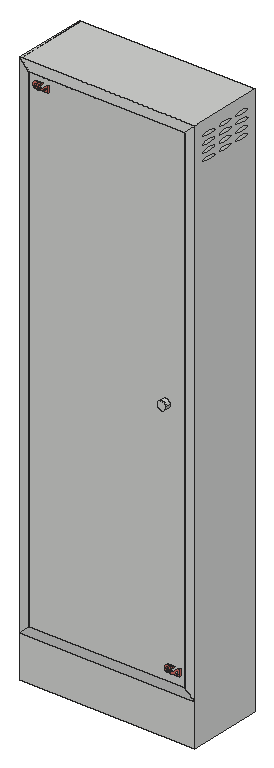
Revit family "120909-00124 Шкаф ШРП-В1800-Р-ПВТ-10 ССД", category Обобщенные модели, Revit 2019
Family settings
  Может служить основой для арматурных стержней = Нет
  Размер круглого соединителя = Использовать диаметр
  Тип детали = Нормальный
  На основе рабочей плоскости = Нет
  Всегда вертикально = Да
  При загрузке вырезать с полостями = Нет
  Общий = Нет
  Точка расчета площади = Нет
Parameters (values of type "ШРП-В/1800-Р-ПВТ-10 (180 плинтов ПВТ)")
  Толщина 5 = 5 mm  # constant formula
  Толщина 4 = 4 mm  # constant formula
  Толщина 25 = 25 mm  # constant formula
  Толщина -4 = -4 mm  # constant formula
  Смещение от уровня [instance] = 300 mm
  Описание = "Шкаф ШРП-В/2400-Р-ПВТ-10 ССД"
  Ноль = 0 mm  # constant formula
  Материал букв = Металл красный
  Материал Каркаса = RAL 7035
  ADSK_Этаж [instance] = ""
  ADSK_Размер_Ширина = 700 mm
  ADSK_Размер_Глубина = 300 mm
  ADSK_Размер_Высота = 2240 mm
  ADSK_Примечание [instance] = ""
  ADSK_Предел огнестойкости = ""
  ADSK_Позиция [instance] = ""
  ADSK_Обозначение = ""
  ADSK_Наименование краткое = "ШРП-В/1800-Р-ПВТ-10 (180 плинтов ПВТ)"
  ADSK_Наименование = "Шкаф ШРП-В/1800-Р-ПВТ-10 ССД"
  ADSK_Масса_Текст = "98"
  ADSK_Марка [instance] = ""
  ADSK_Количество [instance] = 1  # constant formula
  ADSK_Код изделия = "120909-00124"
  ADSK_Зона = ""
  ADSK_Завод-изготовитель = "АО СВЯЗЬСТРОЙДЕТАЛЬ"  # constant formula
  ADSK_Единица измерения = "шт"  # constant formula
  ADSK_URL страницы изделия = "Шкаф ШРП-В/1800-Р-ПВТ-10 ССД ( 120909-00124 ) (ssd.ru)"
  ADSK_URL документации изделия = "shr_decl_2017.pdf (ssd.ru)"
Reference planes
  plane 1 "тттт": y = 0
  plane 2: z = 0
  plane 3 "УУУУ": x = 0
  plane 4 "Т1": y = 150
  plane 5 "Т2": y = -150
  plane 6 "П2": x = -350
  plane 7 "П1": x = 350
  plane 8 "Е1": z = 300
  plane 9 "Е2": z = 2540
  plane 10: z = 468
  plane 11: z = 505
  plane 12: z = 2503
  plane 13: x = -313
  plane 14: x = 313
  plane 15: x = 238
  plane 16: z = 1504
  plane 17: z = 2482
  plane 18: z = 2452
  plane 19: z = 2422
  plane 20: z = 2392
  plane 21: y = -83
  plane 22: y = 83
  plane 23: x = -290
  plane 24: x = 298
  plane 25: z = 543
Forms (mm)
  Extrusion 1, void, not visible, detail levels fine
    sketch origin (-20, 0, 0) x (1, 0, 0) y (0, 0, 1)
      loop
        arc (-281.999, 290) -> (-261.999, 270) -> (-241.999, 290) r 20
        line (-241.999, 290) -> (-241.999, 370)
        arc (-241.999, 370) -> (-261.999, 390) -> (-281.999, 370) r 20
        line (-281.999, 370) -> (-281.999, 290)
    from 90 to 190
  Extrusion 2, void, not visible
    sketch origin (-20, 0, 225) x (1, 0, 0) y (0, 0, 1)
      loop
        circle (-261.999, 215) r 6.5
    from 90 to 190
  Extrusion 3, void, not visible, detail levels fine
    sketch origin (20, 0, 0) x (-1, 0, 0) y (0, 0, -1)
      loop
        line (-281.999, -290) -> (-281.999, -370)
        arc (-281.999, -370) -> (-261.999, -390) -> (-241.999, -370) r 20
        line (-241.999, -370) -> (-241.999, -290)
        arc (-241.999, -290) -> (-261.999, -270) -> (-281.999, -290) r 20
    from 90 to 190
  Extrusion 4, void, not visible
    sketch origin (20, 0, 225) x (-1, 0, 0) y (0, 0, -1)
      loop
        circle (-261.999, -215) r 6.5
    from 90 to 190
  Extrusion 5, void, not visible
    sketch origin (0, 0, 220) x (0, 1, 0) y (0, 0, 1)
      loop
        circle (-102, 220) r 3.036
      loop
        circle (-172.959, 220) r 3.036
      loop
        circle (-122, 237) r 3.036
      loop
        circle (-157.959, 237) r 3.036
      loop
        circle (-121.964, 203) r 3.036
      loop
        circle (-158.036, 203) r 3.036
      loop
        arc (-162.48, 75) -> (-137.48, 50) -> (-112.48, 75) r 25
        line (-112.48, 75) -> (-112.48, 145)
        arc (-112.48, 145) -> (-137.48, 170) -> (-162.48, 145) r 25
        line (-162.48, 145) -> (-162.48, 75)
    from -312 to 312
  Extrusion 6, solid, material "RAL 7035" <- "Материал Каркаса", detail levels medium+fine
    sketch origin (0, 150, 0) x (1, 0, 0) y (0, 0, 1)
      loop
        line (-350, 2540) -> (-350, 300) -> (350, 300) -> (350, 2540) -> (-350, 2540)
    from 0 to 4 <- "Толщина 4"
  Extrusion 7, solid, material "RAL 7035" <- "Материал Каркаса", detail levels medium+fine
    sketch origin (0, -150, 0) x (1, 0, 0) y (0, 0, 1)
      loop
        line (-350, 2540) -> (-350, 300) -> (350, 300) -> (350, 2540) -> (-350, 2540)
      loop
        line (-313, 2503) -> (-313, 505) -> (313, 505) -> (313, 2503) -> (-313, 2503)
    from -4 <- "Толщина -4" to 0
  Extrusion 8, solid, material "RAL 7035" <- "Материал Каркаса", detail levels medium+fine
    sketch origin (-350, 0, 0) x (0, 1, 0) y (0, 0, 1)
      loop
        line (-150, 2540) -> (-150, 300) -> (150, 300) -> (150, 2540) -> (-150, 2540)
    from 0 to 4 <- "Толщина 4"
  Extrusion 9, solid, material "RAL 7035" <- "Материал Каркаса", detail levels medium+fine
    sketch origin (350, 0, 0) x (0, 1, 0) y (0, 0, 1)
      loop
        line (-150, 2540) -> (-150, 300) -> (150, 300) -> (150, 2540) -> (-150, 2540)
    from -4 <- "Толщина -4" to 0
  Extrusion 10, solid, material "RAL 7035" <- "Материал Каркаса", detail levels medium+fine
    sketch origin (0, 0, 300) x (0, -1, 0) y (1, 0, 0)
      loop
        line (-150, -350) -> (150, -350) -> (150, 350) -> (-150, 350) -> (-150, -350)
    from 0 to 4 <- "Толщина 4"
  Extrusion 11, solid, material "RAL 7035" <- "Материал Каркаса", detail levels medium+fine
    sketch origin (0, 0, 2540) x (0, -1, 0) y (1, 0, 0)
      loop
        line (-150, -350) -> (150, -350) -> (150, 350) -> (-150, 350) -> (-150, -350)
    from 0 to -4 <- "Толщина -4"
  Extrusion 12, solid, material "RAL 7035" <- "Материал Каркаса", detail levels medium+fine
    sketch origin (0, -150, 0) x (1, 0, 0) y (0, 0, 1)
      loop
        line (-313, 2503) -> (-313, 505) -> (313, 505) -> (313, 2503) -> (-313, 2503)
    from 0 to 5 <- "Толщина 5"
  Extrusion 13, solid, material "RAL 7035" <- "Материал Каркаса", detail levels medium+fine
    sketch origin (0, -150, 0) x (1, 0, 0) y (0, 0, 1)
      loop
        circle (238, 1504) r 17
    from 0 to 25 <- "Толщина 25"
  Sweep 14, solid, material "RAL 7035" <- "Материал Каркаса", detail levels medium+fine
    path origin (0, -150, 0) x (1, 0, 0) y (0, 0, 1)
      loop
        line (313, 2503) -> (-313, 2503) -> (-313, 505) -> (313, 505) -> (313, 2503)
    profile origin (0, -150, 2503) x (0, 0, -1) y (0, -1, 0)
      loop
        line (-37, 0) -> (0, 0) -> (0, 5) -> (-37, 0)
  Extrusion 15, solid, material "RAL 7035" <- "Материал Каркаса", detail levels coarse
    sketch origin (0, 0, 0) x (1, 0, 0) y (0, 1, 0)
      loop
        line (-350, 150) -> (-350, -150) -> (350, -150) -> (350, 150) -> (-350, 150)
    from 300 to 2540
Cuts and joins
  joined: Extrusion 6, Extrusion 7, Extrusion 8, Extrusion 9, Extrusion 10, Extrusion 11, Sweep 14
  joined: Extrusion 12, Extrusion 13
Dimensions and locks
  equal spacing: plane 5 "Т2", plane 1 "тттт", plane 4 "Т1"
  equal spacing: plane 6 "П2", plane 3 "УУУУ", plane 7 "П1"
  "ADSK_Размер_Ширина": plane 6 "П2" to plane 7 "П1"
  "ADSK_Размер_Глубина": plane 5 "Т2" to plane 4 "Т1"
  "Смещение от уровня": plane 8 "Е1" to plane 2
  "ADSK_Размер_Высота": plane 9 "Е2" to plane 8 "Е1"
  locked: plane 10 to plane 8 "Е1" at 168
  locked: plane 9 "Е2" to plane 12 at 37
  locked: plane 11 to plane 10 at 37
  locked: plane 13 to plane 6 "П2" at 37
  locked: plane 7 "П1" to plane 14 at 37
  locked: plane 14 to plane 15 at 75
  equal spacing: plane 12, plane 16, plane 11
  locked: plane 9 "Е2" to plane 17 at 58
  locked: plane 17 to plane 18 at 30
  locked: plane 18 to plane 19 at 30
  locked: plane 19 to plane 20 at 30
  locked: plane 5 "Т2" to plane 21 at 67
  locked: plane 22 to plane 4 "Т1" at 67
  locked: plane 25 to plane 10 at 75
  locked: plane 24 to plane 14 at 15
  locked: plane 23 to plane 6 "П2" at 60
  aligned and locked: level to plane 2
  aligned and locked: plane 9 "Е2" to Extrusion 6 sketch curve
  aligned and locked: plane 6 "П2" to Extrusion 6 sketch curve
  aligned and locked: Extrusion 6 sketch curve to plane 8 "Е1"
  aligned and locked: Extrusion 6 sketch curve to plane 7 "П1"
  aligned and locked: Extrusion 6 to plane 4 "Т1"
  aligned and locked: plane 6 "П2" to Extrusion 7 sketch curve
  aligned and locked: Extrusion 7 sketch curve to plane 8 "Е1"
  aligned and locked: Extrusion 7 sketch curve to plane 7 "П1"
  aligned and locked: plane 9 "Е2" to Extrusion 7 sketch curve
  aligned and locked: plane 13 to Extrusion 7 sketch curve
  aligned and locked: Extrusion 7 sketch curve to plane 14
  aligned and locked: plane 12 to Extrusion 7 sketch curve
  aligned and locked: Extrusion 7 sketch curve to plane 11
  aligned and locked: plane 5 "Т2" to Extrusion 7
  aligned and locked: Extrusion 8 sketch curve to Extrusion 7  (x2)
  aligned and locked: Extrusion 8 sketch curve to Extrusion 6  (x2)
  aligned and locked: Extrusion 8 to plane 6 "П2"
  aligned and locked: Extrusion 9 sketch curve to Extrusion 7  (x2)
  aligned and locked: Extrusion 9 sketch curve to Extrusion 6  (x2)
  aligned and locked: plane 7 "П1" to Extrusion 9
  aligned and locked: Extrusion 10 sketch curve to cut or joined group of Extrusion 6, Extrusion 7, Extrusion 8, Extrusion 9, Extrusion 10, Extrusion 11, Sweep 14  (x4)
  aligned and locked: plane 8 "Е1" to Extrusion 10
  aligned and locked: Extrusion 11 sketch curve to cut or joined group of Extrusion 6, Extrusion 7, Extrusion 8, Extrusion 9, Extrusion 10, Extrusion 11, Sweep 14  (x4)
  aligned and locked: plane 9 "Е2" to Extrusion 11
  aligned and locked: Extrusion 12 sketch curve to cut or joined group of Extrusion 6, Extrusion 7, Extrusion 8, Extrusion 9, Extrusion 10, Extrusion 11, Sweep 14  (x4)
  aligned and locked: plane 16 to Extrusion 13 sketch curve
  aligned and locked: plane 15 to Extrusion 13 sketch curve
  aligned and locked: plane 5 "Т2" to Extrusion 12
  aligned and locked: Extrusion 13 to plane 5 "Т2"
  aligned and locked: Sweep 14 sketch curve to Extrusion 12  (x4)
  aligned and locked: profile plane to Sweep 14 sketch curve  (x2)
  aligned and locked: plane 21 to nested 1
  aligned and locked: nested 2 to plane 1 "тттт"
  aligned and locked: plane 22 to nested 3
  aligned and locked: plane 7 "П1" to nested 3
  aligned and locked: plane 7 "П1" to nested 2
  aligned and locked: plane 7 "П1" to nested 1
  aligned and locked: nested 1 to plane 17
  aligned and locked: nested 2 to plane 17
  aligned and locked: nested 3 to plane 17
  aligned and locked: nested 4 to plane 18
  aligned and locked: nested 5 to plane 18
  aligned and locked: nested 6 to plane 18
  aligned and locked: nested 7 to plane 19
  aligned and locked: nested 8 to plane 19
  aligned and locked: nested 9 to plane 19
  aligned and locked: nested 10 to plane 20
  aligned and locked: nested 11 to plane 20
  aligned and locked: nested 12 to plane 20
  aligned and locked: plane 22 to nested 6
  aligned and locked: cut or joined group of Extrusion 6, Extrusion 7, Extrusion 8, Extrusion 9, Extrusion 10, Extrusion 11, Sweep 14 to nested 6
  aligned and locked: nested 5 to plane 1 "тттт"
  aligned and locked: cut or joined group of Extrusion 6, Extrusion 7, Extrusion 8, Extrusion 9, Extrusion 10, Extrusion 11, Sweep 14 to nested 5
  aligned and locked: plane 21 to nested 4
  aligned and locked: cut or joined group of Extrusion 6, Extrusion 7, Extrusion 8, Extrusion 9, Extrusion 10, Extrusion 11, Sweep 14 to nested 4
  aligned and locked: plane 7 "П1" to nested 9
  aligned and locked: plane 22 to nested 9
  aligned and locked: nested 8 to plane 1 "тттт"
  aligned and locked: plane 7 "П1" to nested 8
  aligned and locked: plane 21 to nested 7
  aligned and locked: plane 7 "П1" to nested 7
  aligned and locked: plane 7 "П1" to nested 12  (x2)
  aligned and locked: plane 22 to nested 12
  aligned and locked: plane 7 "П1" to nested 11  (x2)
  aligned and locked: nested 11 to plane 1 "тттт"
  aligned and locked: plane 7 "П1" to nested 10
  aligned and locked: plane 21 to nested 10
  aligned and locked: plane 20 to nested 24
  aligned and locked: plane 20 to nested 19
  aligned and locked: plane 20 to nested 18
  aligned and locked: plane 19 to nested 23
  aligned and locked: nested 23 to plane 19
  aligned and locked: plane 19 to nested 20
  aligned and locked: plane 19 to nested 17
  aligned and locked: plane 18 to nested 22
  aligned and locked: plane 18 to nested 21
  aligned and locked: plane 18 to nested 16
  aligned and locked: plane 17 to nested 14
  aligned and locked: plane 17 to nested 13
  aligned and locked: plane 17 to nested 15
  aligned and locked: plane 7 "П1" to cut or joined group of Extrusion 6, Extrusion 7, Extrusion 8, Extrusion 9, Extrusion 10, Extrusion 11, Sweep 14
  aligned and locked: nested 10 to plane 21
  aligned and locked: plane 1 "тттт" to nested 11
  aligned and locked: nested 12 to plane 22
  aligned and locked: nested 23 to plane 21
  aligned and locked: plane 21 to nested 23
  aligned and locked: plane 1 "тттт" to nested 20
  aligned and locked: nested 17 to plane 22
  aligned and locked: plane 6 "П2" to nested 23
  aligned and locked: plane 6 "П2" to nested 20
  aligned and locked: plane 6 "П2" to nested 17
  aligned and locked: nested 22 to cut or joined group of Extrusion 6, Extrusion 7, Extrusion 8, Extrusion 9, Extrusion 10, Extrusion 11, Sweep 14
  aligned and locked: nested 22 to plane 21
  aligned and locked: nested 21 to cut or joined group of Extrusion 6, Extrusion 7, Extrusion 8, Extrusion 9, Extrusion 10, Extrusion 11, Sweep 14
  aligned and locked: plane 1 "тттт" to nested 21
  aligned and locked: nested 16 to cut or joined group of Extrusion 6, Extrusion 7, Extrusion 8, Extrusion 9, Extrusion 10, Extrusion 11, Sweep 14
  aligned and locked: nested 16 to plane 22
  aligned and locked: nested 15 to plane 22
  aligned and locked: plane 1 "тттт" to nested 13
  aligned and locked: nested 14 to plane 21
  aligned and locked: nested 14 to cut or joined group of Extrusion 6, Extrusion 7, Extrusion 8, Extrusion 9, Extrusion 10, Extrusion 11, Sweep 14
  aligned and locked: nested 13 to cut or joined group of Extrusion 6, Extrusion 7, Extrusion 8, Extrusion 9, Extrusion 10, Extrusion 11, Sweep 14
  aligned and locked: nested 15 to cut or joined group of Extrusion 6, Extrusion 7, Extrusion 8, Extrusion 9, Extrusion 10, Extrusion 11, Sweep 14
  aligned and locked: cut or joined group of Extrusion 12, Extrusion 13 to nested 25
  aligned and locked: cut or joined group of Extrusion 12, Extrusion 13 to nested 26
  aligned and locked: plane 25 to nested 25
  aligned and locked: plane 24 to nested 25
  aligned and locked: nested 26 to plane 17
  aligned and locked: plane 23 to nested 26
  aligned and locked: plane 6 "П2" to nested 24
  aligned and locked: plane 6 "П2" to nested 19
  aligned and locked: plane 6 "П2" to nested 18
  aligned and locked: plane 1 "тттт" to nested 19
  aligned and locked: nested 18 to plane 22
  aligned and locked: nested 24 to plane 21
  aligned and locked: Extrusion 15 sketch curve to cut or joined group of Extrusion 6, Extrusion 7, Extrusion 8, Extrusion 9, Extrusion 10, Extrusion 11, Sweep 14  (x4)
  aligned and locked: Extrusion 15 to plane 9 "Е2"
  aligned and locked: plane 8 "Е1" to Extrusion 15
  aligned and locked: nested 27 to plane 9 "Е2"
  aligned and locked: plane 8 "Е1" to nested 27
  aligned and locked: plane 6 "П2" to nested 27
  aligned and locked: plane 7 "П1" to nested 27
Automatic sketch dimensions
  profile plane to Sweep 14 sketch curve = 37 mm
  plane 5 "Т2" to Sweep 14 sketch curve = 5 mm
  radius of Extrusion 13 sketch curve = 17 mm
Nested families
  nested 1: "Впадина" at (350, -83, 2482) x (0, 1, 0) z (0, 0, 1), Материал <- "Материал Каркаса", type "Впадина", detail levels fine
    with Материал RAL 7035
  nested 2: "Впадина" at (350, 0, 2482) x (0, 1, 0) z (0, 0, 1), Материал <- "Материал Каркаса", type "Впадина", detail levels fine
    with Материал RAL 7035
  nested 3: "Впадина" at (350, 83, 2482) x (0, 1, 0) z (0, 0, 1), Материал <- "Материал Каркаса", type "Впадина", detail levels fine
    with Материал RAL 7035
  nested 4: "Впадина" at (350, -83, 2452) x (0, 1, 0) z (0, 0, 1), Материал <- "Материал Каркаса", type "Впадина", detail levels fine
    with Материал RAL 7035
  nested 5: "Впадина" at (350, 0, 2452) x (0, 1, 0) z (0, 0, 1), Материал <- "Материал Каркаса", type "Впадина", detail levels fine
    with Материал RAL 7035
  nested 6: "Впадина" at (350, 83, 2452) x (0, 1, 0) z (0, 0, 1), Материал <- "Материал Каркаса", type "Впадина", detail levels fine
    with Материал RAL 7035
  nested 7: "Впадина" at (350, -83, 2422) x (0, 1, 0) z (0, 0, 1), Материал <- "Материал Каркаса", type "Впадина", detail levels fine
    with Материал RAL 7035
  nested 8: "Впадина" at (350, 0, 2422) x (0, 1, 0) z (0, 0, 1), Материал <- "Материал Каркаса", type "Впадина", detail levels fine
    with Материал RAL 7035
  nested 9: "Впадина" at (350, 83, 2422) x (0, 1, 0) z (0, 0, 1), Материал <- "Материал Каркаса", type "Впадина", detail levels fine
    with Материал RAL 7035
  nested 10: "Впадина" at (350, -83, 2392) x (0, 1, 0) z (0, 0, 1), Материал <- "Материал Каркаса", type "Впадина", detail levels fine
    with Материал RAL 7035
  nested 11: "Впадина" at (350, 0, 2392) x (0, 1, 0) z (0, 0, 1), Материал <- "Материал Каркаса", type "Впадина", detail levels fine
    with Материал RAL 7035
  nested 12: "Впадина" at (350, 83, 2392) x (0, 1, 0) z (0, 0, 1), Материал <- "Материал Каркаса", type "Впадина", detail levels fine
    with Материал RAL 7035
  nested 13: "Впадина" at (-350, 0, 2482) x (0, 1, 0) z (0, 0, 1), Материал <- "Материал Каркаса", type "Впадина", detail levels fine
    with Материал RAL 7035
  nested 14: "Впадина" at (-350, -83, 2482) x (0, 1, 0) z (0, 0, 1), Материал <- "Материал Каркаса", type "Впадина", detail levels fine
    with Материал RAL 7035
  nested 15: "Впадина" at (-350, 83, 2482) x (0, 1, 0) z (0, 0, 1), Материал <- "Материал Каркаса", type "Впадина", detail levels fine
    with Материал RAL 7035
  nested 16: "Впадина" at (-350, 83, 2452) x (0, 1, 0) z (0, 0, 1), Материал <- "Материал Каркаса", type "Впадина", detail levels fine
    with Материал RAL 7035
  nested 17: "Впадина" at (-350, 83, 2422) x (0, 1, 0) z (0, 0, 1), Материал <- "Материал Каркаса", type "Впадина", detail levels fine
    with Материал RAL 7035
  nested 18: "Впадина" at (-350, 83, 2392) x (0, 1, 0) z (0, 0, 1), Материал <- "Материал Каркаса", type "Впадина", detail levels fine
    with Материал RAL 7035
  nested 19: "Впадина" at (-350, 0, 2392) x (0, 1, 0) z (0, 0, 1), Материал <- "Материал Каркаса", type "Впадина", detail levels fine
    with Материал RAL 7035
  nested 20: "Впадина" at (-350, 0, 2422) x (0, 1, 0) z (0, 0, 1), Материал <- "Материал Каркаса", type "Впадина", detail levels fine
    with Материал RAL 7035
  nested 21: "Впадина" at (-350, 0, 2452) x (0, 1, 0) z (0, 0, 1), Материал <- "Материал Каркаса", type "Впадина", detail levels fine
    with Материал RAL 7035
  nested 22: "Впадина" at (-350, -83, 2452) x (0, 1, 0) z (0, 0, 1), Материал <- "Материал Каркаса", type "Впадина", detail levels fine
    with Материал RAL 7035
  nested 23: "Впадина" at (-350, -83, 2422) x (0, 1, 0) z (0, 0, 1), Материал <- "Материал Каркаса", type "Впадина", detail levels fine
    with Материал RAL 7035
  nested 24: "Впадина" at (-350, -83, 2392) x (0, 1, 0) z (0, 0, 1), Материал <- "Материал Каркаса", type "Впадина", detail levels fine
    with Материал RAL 7035
  nested 25: "ССД" at (268.016, -155, 543), Материал <- "Материал букв", type "ССД", detail levels fine
    with Материал Металл красный
  nested 26: "ССД" at (-260.016, -155, 2456), Материал <- "Материал букв", type "ССД", detail levels fine
    with Материал Металл красный
  nested 27: "ЭУ_Шкаф ст фасад" at (0, 0, 300) x (1, 0, 0) z (0, -1, 0), ADSK_Размер_Высота <- "ADSK_Размер_Высота", ADSK_Размер_Ширина <- "ADSK_Размер_Ширина", type "ЭУ_Шкаф ст фасад", detail levels coarse
    with ADSK_Размер_Ширина 700 mm, ADSK_Размер_Высота 2240 mm
Definition of nested family "Впадина"
  Parameters (values of type "Впадина")
    Материал [instance] = none
    ADSK_Размер_Ширина = 64 mm
  Reference planes
    plane 1 "По центру (Вперед/Назад)": y = 0
    plane 2: z = 0
    plane 3 "По центру (Влево/Вправо)": x = 0
    plane 4: y = -5
    plane 5: x = -32
    plane 6: x = 32
  Forms (mm)
    Sweep 1, solid, material <- "Материал"
      path origin (0, 0, 0) x (1, 0, 0) y (0, 1, 0)
        loop
          arc (-32, 0) -> (0, -5) -> (32, 0) r 104.9
      profile origin (0, -5, 0) x (0, 1, 0) y (0, 0, 1)
        loop
          line (0, 0) -> (1.008, 0)
          arc (1.008, 0) -> (2.037, 5.808) -> (5, 10.909) r 16.9
          line (5, 10.909) -> (5, 12)
          arc (5, 12) -> (1.3, 6.5) -> (0, 0) r 16.9
  Lines and regions (mm)
    symbolic lines
      curve 1: line (-32, 0, 0) -> (32, 0, 0)
      curve 2: line (0, 0, 0) -> (0, -5, 0)
      curve 3: line (-32, 0, 0) -> (32, 0, 0)
  Dimensions and locks
    equal spacing: plane 5, plane 3 "По центру (Влево/Вправо)", plane 6
    "ADSK_Размер_Ширина": plane 5 to plane 6
    plane 4 to plane 1 "По центру (Вперед/Назад)" = 5 mm
    aligned and locked: level to plane 2
    aligned and locked: plane 5 to Sweep 1 sketch curve
    aligned and locked: plane 1 "По центру (Вперед/Назад)" to Sweep 1 sketch curve  (x3)
    aligned and locked: plane 6 to Sweep 1 sketch curve
    aligned and locked: plane 1 "По центру (Вперед/Назад)" to curve 1
    aligned and locked: curve 2 to plane 3 "По центру (Влево/Вправо)"
    aligned and locked: curve 3 to plane 2
  Automatic sketch dimensions
    Sweep 1 sketch curve to plane 1 "По центру (Вперед/Назад)" = 99.9 mm
    Sweep 1 sketch curve to profile plane = 0 mm
    Sweep 1 sketch curve to level = 0 mm
    Sweep 1 sketch curve to Sweep 1 sketch curve = 11.9 mm
    Sweep 1 sketch curve to Sweep 1 sketch curve = 1.008 mm
    Sweep 1 sketch curve to Sweep 1 sketch curve = 1.091 mm
    curve 1 to plane 5 = 0 mm
    curve 1 to plane 6 = 0 mm
    curve 2 to plane 4 = 0 mm
    curve 3 to plane 5 = 0 mm
    curve 3 to plane 6 = 0 mm
Definition of nested family "ССД"
  Parameters (values of type "ССД")
    Материал [instance] = none
  Reference planes
    plane 1 "По центру (Вперед/Назад)": y = 0
    plane 2: z = 0
    plane 3 "По центру (Влево/Вправо)": x = 0
    plane 4: y = -5
    plane 5: z = 26
    plane 6: x = -29.984
    plane 7: x = 29.984
  Forms (mm)
    Extrusion 1, solid, material <- "Материал"
      sketch origin (-4.748, 0, -135.953) x (1, 0, 0) y (0, 0, 1)
        loop
          arc (-12.562, 161.735) -> (-25.455, 148.886) -> (-12.605, 135.993) r 12.871
          line (-12.605, 135.993) -> (-5.127, 135.993)
          arc (-5.127, 135.993) -> (-8.341, 138.928) -> (-10.997, 142.376) r 24.946
          line (-10.997, 142.376) -> (-12.584, 142.376)
          arc (-12.584, 142.376) -> (-19.072, 148.864) -> (-12.584, 155.352) r 6.488
          line (-12.584, 155.352) -> (-10.972, 155.352)
          arc (-10.972, 155.352) -> (-8.292, 158.804) -> (-5.051, 161.735) r 24.946
          line (-5.051, 161.735) -> (-12.562, 161.735)
        loop
          arc (3.387, 161.709) -> (-9.505, 148.859) -> (3.344, 135.967) r 12.871
          line (3.344, 135.967) -> (34.291, 135.915) -> (34.334, 161.666) -> (28.9, 161.666) -> (8.095, 144.25) -> (16.764, 144.25) -> (28.888, 154.399) -> (28.868, 142.307) -> (3.34, 142.35)
          arc (3.34, 142.35) -> (-3.122, 148.856) -> (3.377, 155.326) r 6.488
          line (3.377, 155.326) -> (4.978, 155.326)
          arc (4.978, 155.326) -> (7.657, 158.777) -> (10.898, 161.709) r 24.946
          line (10.898, 161.709) -> (3.387, 161.709)
      from 0 to 5
  Lines and regions (mm)
    symbolic lines
      curve 1: line (-29.984, 0, 0) -> (29.984, 0, 0)
      curve 2: line (-29.984, 0, 26) -> (29.984, 0, 26)
      curve 3: line (-29.984, 0, 0) -> (-29.984, 0, 26)
      curve 4: line (29.984, 0, 0) -> (-29.984, 0, 0)
      curve 5: line (29.984, 0, 26) -> (29.984, 0, 0)
  Dimensions and locks
    locked: plane 1 "По центру (Вперед/Назад)" to plane 4 at 5
    locked: plane 5 to plane 2 at 26
    equal spacing: plane 7, plane 3 "По центру (Влево/Вправо)", plane 6
    locked: plane 7 to plane 6 at 59.968
    aligned and locked: level to plane 2
    aligned and locked: plane 1 "По центру (Вперед/Назад)" to curve 1
    aligned and locked: Extrusion 1 to plane 4
    aligned and locked: Extrusion 1 to plane 1 "По центру (Вперед/Назад)"
    aligned and locked: curve 2 to plane 5
    aligned and locked: plane 6 to curve 3
    aligned and locked: plane 2 to curve 4
    aligned and locked: curve 5 to plane 7
  Automatic sketch dimensions
    curve 1 to plane 6 = 0 mm
    curve 1 to plane 7 = 0 mm
    Extrusion 1 sketch curve to Extrusion 1 sketch curve = 0 mm  (x6)
    Extrusion 1 sketch curve to plane 3 "По центру (Влево/Вправо)" = 17.331 mm
    Extrusion 1 sketch curve to Extrusion 1 sketch curve = 0.022 mm
    Extrusion 1 sketch curve to Extrusion 1 sketch curve = 1.587 mm
    Extrusion 1 sketch curve to Extrusion 1 sketch curve = 1.612 mm
    Extrusion 1 sketch curve to plane 3 "По центру (Влево/Вправо)" = 9.875 mm
    Extrusion 1 sketch curve to plane 3 "По центру (Влево/Вправо)" = 1.407 mm
    Extrusion 1 sketch curve to plane 3 "По центру (Влево/Вправо)" = 1.382 mm
    Extrusion 1 sketch curve to plane 3 "По центру (Влево/Вправо)" = 1.371 mm
    Extrusion 1 sketch curve to plane 3 "По центру (Влево/Вправо)" = 1.36 mm
    Extrusion 1 sketch curve to Extrusion 1 sketch curve = 1.601 mm
    Extrusion 1 sketch curve to Extrusion 1 sketch curve = 4.755 mm
    Extrusion 1 sketch curve to Extrusion 1 sketch curve = 1.902 mm
    Extrusion 1 sketch curve to Extrusion 1 sketch curve = 5.043 mm
    Extrusion 1 sketch curve to Extrusion 1 sketch curve = 0.878 mm
    Extrusion 1 sketch curve to Extrusion 1 sketch curve = 6.767 mm
    Extrusion 1 sketch curve to plane 7 = 8.785 mm
    Extrusion 1 sketch curve to plane 7 = 5.864 mm
    Extrusion 1 sketch curve to plane 7 = 5.844 mm
    Extrusion 1 sketch curve to plane 7 = 5.831 mm
    Extrusion 1 sketch curve to plane 7 = 0.44 mm
    Extrusion 1 sketch curve to plane 7 = 0.397 mm
    Extrusion 1 sketch curve to plane 5 = 26.038 mm
    Extrusion 1 sketch curve to Extrusion 1 sketch curve = 0.079 mm
    Extrusion 1 sketch curve to Extrusion 1 sketch curve = 5.898 mm
    Extrusion 1 sketch curve to Extrusion 1 sketch curve = 0.027 mm
    Extrusion 1 sketch curve to Extrusion 1 sketch curve = 0.494 mm
    Extrusion 1 sketch curve to Extrusion 1 sketch curve = 0.51 mm
    Extrusion 1 sketch curve to Extrusion 1 sketch curve = 6.383 mm
    Extrusion 1 sketch curve to Extrusion 1 sketch curve = 2.411 mm
    Extrusion 1 sketch curve to Extrusion 1 sketch curve = 6.488 mm  (x2)
    Extrusion 1 sketch curve to Extrusion 1 sketch curve = 12.092 mm
    Extrusion 1 sketch curve to Extrusion 1 sketch curve = 7.267 mm
    Extrusion 1 sketch curve to plane 3 "По центру (Влево/Вправо)" = 9.798 mm
    Extrusion 1 sketch curve to plane 3 "По центру (Влево/Вправо)" = 1.404 mm
Definition of nested family "ЭУ_Шкаф ст фасад"
  Parameters
    ADSK_Размер_Ширина [instance] = 640 mm
    ADSK_Размер_Высота [instance] = 1180 mm
  Reference planes
    plane 1 "По центру (Вперед/Назад)": y = 0
    plane 2: z = 0
    plane 3 "По центру (Влево/Вправо)": x = 0
    plane 4: x = -320
    plane 5: x = 320
    plane 6: y = 1180
    plane 7: y = 1141
    plane 8 "По центру (В/С": y = 150
    plane 9: x = 200
    plane 10: y = 645.5
  Lines and regions (mm)
    detail lines, in view "Опорный уровень"
      curve 1: line (-320, 1180, 0) -> (320, 1180, 0)
      curve 2: line (-320, 0, 0) -> (-320, 1180, 0)
      curve 3: line (320, 0, 0) -> (-320, 0, 0)
      curve 4: line (320, 1180, 0) -> (320, 0, 0)
      curve 5: line (320, 150, 0) -> (-320, 150, 0)
      curve 6: circle (200, 645.5, 0) r 20 normal (0, 0, 1)
  Dimensions and locks
    equal spacing: plane 4, plane 3 "По центру (Влево/Вправо)", plane 5
    "ADSK_Размер_Ширина": plane 4 to plane 5
    "ADSK_Размер_Высота": plane 6 to plane 1 "По центру (Вперед/Назад)"
    locked: plane 6 to plane 7 at 39
    equal spacing: plane 7, plane 10, plane 8 "По центру (В/С"
    locked: plane 8 "По центру (В/С" to plane 1 "По центру (Вперед/Назад)" at 150
    aligned and locked: curve 1 to plane 6
    aligned and locked: plane 4 to curve 2
    aligned and locked: curve 3 to plane 1 "По центру (Вперед/Назад)"
    aligned and locked: curve 4 to plane 5
    aligned and locked: plane 8 "По центру (В/С" to curve 5
    aligned and locked: plane 10 to curve 6
    aligned and locked: plane 9 to curve 6
  Automatic sketch dimensions
    radius of curve 6 = 20 mm
